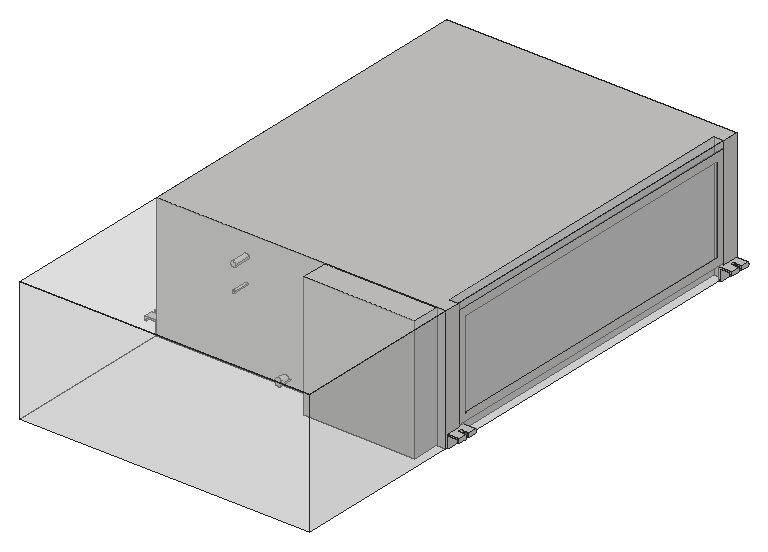
Revit family "outputfile", category 機械設備, Revit 2024
Family settings
  丸型コネクタ寸法 = 半径を使用
  パーツ タイプ = 標準
  OmniClass 番号 = 23.75.10.24.21.27.27
  OmniClass タイトル = Split System Air Conditioning Units
  作業面ベース = いいえ
  常に垂直 = はい
  ロード時にボイドで切り取り = いいえ
  注釈の向きを維持 = いいえ
  共有 = いいえ
  部屋計算ポイント = はい
Parameters (values of type "FXMQ200MFV1")
  Description = ""
  製造元 = "Daikin"
  書き出し IFC クラス(タイプ) = "IfcUnitaryEquipmentType"
  定義済み IFC タイプ(タイプ) = "AIRCONDITIONINGUNIT"
  Cost = 0
  モデル = "FXMQ200MFV1"
  Type Comments = ""
  Keynote = ""
  Type Image = (empty or 0)
  Assembly Code = ""
  w_dischargeflange = 1260.0 mm
  w_suctionflange = 1260.0 mm
  r_Liquid Pipe Size = Liquid Pipe Size / 2  # 4.75 mm
  r_Gas Pipe Size = Gas Pipe Size / 2  # 9.55 mm
  r_Drain Pipe Size = Drain Pipe Size / 2  # 13.8 mm
  lw_powersupply = 247.5 mm  # constant formula
  lw_mountinghole_pitch = 1148.0 mm  # constant formula
  lw_mountinghole = if(Depth = 744.0 mm, 29.5 mm, if(Depth = 1380.0 mm, 42.0 mm, 42.0 mm))  # 42.0 mm
  lw_liquidpipe = 760.0 mm  # constant formula
  lw_gaspipe = 760.0 mm  # constant formula
  lw_drainpipe = 613.0 mm  # constant formula
  lh_dischargeflange = 250.0 mm  # constant formula
  lh_powersupply = 20.0 mm  # constant formula
  lh_liquidpipe = 296.0 mm  # constant formula
  lh_gaspipe = 390.0 mm  # constant formula
  lh_drainpipe = 25.0 mm  # constant formula
  lh_suctionflange = 250.0 mm  # constant formula
  lh_antena = Height - lh_mountinghole + 1.0 mm  # 421.0 mm
  ld_dischargeflange = 690.0 mm
  ld_powersupply = 211.5 mm  # constant formula
  ld_mountinghole_pitch = if(Depth = 744.0 mm, 685.0 mm, if(Depth = 1380.0 mm, 1296.0 mm, 1296.0 mm))  # 1296.0 mm
  ld_suctionflange = 690.0 mm
  h_dischargeflange = 390.0 mm  # constant formula
  lh_mountinghole = 50.0 mm  # constant formula
  h_mountinghole = [h***] + lh_mountinghole  # 50.0 mm
  h_suctionflange = 390.0 mm  # constant formula
  h*** = 0.0 mm  # constant formula
  d_dischargeflange = 25.0 mm  # constant formula
  d_pipe = if(Depth = 744.0 mm, 61.0 mm, if(Depth = 1380.0 mm, 60.0 mm, 60.0 mm))  # 60.0 mm
  d_suctionflange = 25.0 mm  # constant formula
  Width = 1100.0 mm
  Voltage_comment_50Hz = "220-240"
  Voltage_50Hz = 230 V
  Version = "ver.1.0"
  Unit Type = "Outdoor Air Processing Unit"
  Unit Mass Weight = 123.00 kg
  Unit Designation [instance] = ""
  Uniclass2015Version = "Products v1.30"
  Uniclass2015Title = "Variable refrigerant flow units"
  Uniclass2015Code = "Pr_70_65_03_94"
  URL = ""
  Total Heating Capacity [instance] = 0.000 kW
  Total Cooling Capacity [instance] = 0.000 kW
  Supply Air Direction [instance] = yes
  Sound Pressure Level_M speed (dBA) = 0
  Sound Pressure Level_L speed (dBA) = 0
  Sound Pressure Level_H speed (dBA) = 47
  Sound Power Level_H speed (dB) = 0
  Series = "VRV Fan Coil Unit"
  Sensible Cooling Capacity [instance] = 0.000 kW
  SA Duct Size Width = 1200.0 mm
  SA Duct Size Height = 330.0 mm
  Refrigerant Type = "R410A"
  Power Input (Heating) = 0.548 kW
  Power Input (Cooling) = 0.548 kW
  Phase_50Hz = 1
  Option Accessory 3 [instance] = ""
  Option Accessory 2 [instance] = ""
  Option Accessory 1 [instance] = ""
  OA Duct Size Width = 1200.0 mm
  OA Duct Size Height = 330.0 mm
  Nominal Heating Capacity = 13.900 kW
  Nominal Cooling Capacity = 22.400 kW
  Minimum External Static Pressure = 0.00 Pa
  Minimum Circuit Amps_50Hz = 3.3 A
  Minimum Airflow = 0.00 m³/h
  Median Airflow = 0.00 m³/h
  Maximum Fuse Amps_50Hz = 15.0 A
  Maximum External Static Pressure = 275.00 Pa
  Maximum Airflow = 1680.00 m³/h
  Material_Casing = DAIKIN_GalvanizedSteel_Casing_indoorunit
  Load Classification = HVAC
  Liquid Pipe Size = 9.5 mm
  Link_Nested Family [instance] = ""
  IfcVersion = "0"
  IfcExportType = "AIRCONDITIONINGUNIT"
  IfcExportAs = "IfcUnitaryEquipmentType"
  Height = 470.0 mm
  Heating Entering Wet Bulb Temperature [instance] = 0.00 °C
  Heating Entering Dry Bulb Temperature [instance] = 0.00 °C
  Heating Ambient Wet Bulb Temperature [instance] = 0.00 °C
  Heating Ambient Dry Bulb Temperature [instance] = 0.00 °C
  Heat Exchanger Type = "Cross Fin Coil"
  Gas Pipe Size = 19.1 mm
  Frequency_50Hz = 50 Hz
  Fan Type = "Sirocco Fan"
  Fan Drive = "Direct Drive"
  FCU Tag No. [instance] = ""
  Drain Pipe Size = 27.6 mm
  Design Supply Airflow [instance] = 0.00 m³/h
  Design Outdoor Airflow [instance] = 0.00 m³/h
  Design External Static Pressure [instance] = 0.00 Pa
  Depth = 1380.0 mm
  既定の高さ = 0.0 mm
  Cooling Entering Wet Bulb Temperature [instance] = 0.00 °C
  Cooling Entering Dry Bulb Temperature [instance] = 0.00 °C
  Cooling Ambient Wet Bulb Temperature [instance] = 0.00 °C
  Cooling Ambient Dry Bulb Temperature [instance] = 0.00 °C
  Clearance visibility [instance] = yes
  Clearance Top = 0.0 mm
  Clearance Right = 0.0 mm
  Clearance Rear = 0.0 mm
  Clearance Left = 0.0 mm
  Clearance Front = 650.0 mm
  Clearance Bottom = 0.0 mm
Reference planes
  plane 1 "Center (Front/Back)": y = 0
  plane 2: z = 0
  plane 3 "Center (Left/Right)": x = 0
  plane 4 "Back": y = 690
  plane 5 "Front": y = -690
  plane 6 "Left": x = -550
  plane 7 "Right": x = 550
  plane 8 "Top": z = 0
  plane 9 "Bottom": z = -470
  plane 10: y = 690
  plane 11: y = -1340
  plane 12: x = 550
  plane 13: x = -550
  plane 14: z = 0
  plane 15: z = -470
  plane 16: y = -792
  plane 17: y = -720
  plane 18: y = -750
  plane 19 "ld_drainpipe": x = -63
  plane 20 "ld_liquidpipe": x = -210
  plane 21 "ld_gaspipe": x = -210
  plane 22 "lh_gaspipe": z = -80
  plane 23 "lh_drainpipe": z = -445
  plane 24 "lh_liquidpipe": z = -174
  plane 25 "h_mountinghole": z = -420
  plane 26 "lh_powersuply": z = -450
  plane 27 "lh_suctionflange": z = -220
  plane 28 "ld_suctionflange": y = 0
  plane 29 "ld_dischargeflange": y = 0
  plane 30 "lh_dischargeflange": z = -220
  plane 31 "control box1": x = 514
  plane 32 "control box2": x = 91
  plane 33: y = -741
  plane 34 "lw_powersupply": x = 302.5
  plane 35: y = 648
  plane 36: y = -648
  plane 37: x = -574
  plane 38: x = 574
  plane 39 "w_suctionflange1": y = 630
  plane 40 "w_suctionflange2": y = -630
Forms (mm)
  Extrusion 1, solid, material "DAIKIN_GalvanizedSteel_Casing_indoorunit" <- "Material_Casing"
    sketch origin (0, 0, 0) x (1, 0, 0) y (0, 0, 1)
      loop
        line (-550, 0) -> (-550, -470) -> (550, -470) -> (550, 0) -> (-550, 0)
    from -690 to 690
  Extrusion 2, solid, material "DAIKIN_GalvanizedSteel_Casing_indoorunit" <- "Material_Casing"
    sketch origin (0, 0, 0) x (1, 0, 0) y (0, 0, 1)
      loop
        line (91, -470) -> (514, -470) -> (514, 0) -> (91, 0) -> (91, -470)
    from 690 to 792
  Extrusion 3, solid, material "DAIKIN_GalvanizedSteel_Casing_indoorunit" <- "Material_Casing"
    sketch origin (0, 0, 0) x (1, 0, 0) y (0, 0, 1)
      loop
        circle (-210, -174) r 4.75
      loop
        circle (-210, -80) r 9.55
    from 690 to 750
  Extrusion 4, solid, material "DAIKIN_GalvanizedSteel_Casing_indoorunit" <- "Material_Casing"
    sketch origin (63, 0, 0) x (1, 0, 0) y (0, 0, 1)
      loop
        circle (-126, -445) r 13.8
    from 372 to 720
  Extrusion 5, void
    sketch origin (0, 0, 0) x (0, 1, 0) y (0, 0, 1)
      loop
        line (-630, 545) -> (-630, -985) -> (630, -985) -> (630, 545) -> (-630, 545)
    from 514 to 550
Cuts and joins
  Extrusion 5 cuts Extrusion 1
Dimensions and locks
  "Height": plane 8 "Top" to plane 9 "Bottom"
  equal spacing: plane 6 "Left", plane 3 "Center (Left/Right)", plane 7 "Right"
  "Width": plane 6 "Left" to plane 7 "Right"
  equal spacing: plane 4 "Back", plane 1 "Center (Front/Back)", plane 5 "Front"
  "Depth": plane 4 "Back" to plane 5 "Front"
  "Clearance Left": plane 13 to plane 6 "Left"
  "Clearance Right": plane 7 "Right" to plane 12
  "Clearance Rear": plane 10 to plane 4 "Back"
  "Clearance Front": plane 5 "Front" to plane 11
  "Clearance Top": plane 14 to plane 8 "Top"
  "Clearance Bottom": plane 9 "Bottom" to plane 15
  locked: plane 5 "Front" to plane 16 at 102
  "d_pipe": plane 5 "Front" to plane 18
  "lw_drainpipe": plane 19 "ld_drainpipe" to plane 7 "Right"
  "lw_liquidpipe": plane 20 "ld_liquidpipe" to plane 7 "Right"
  "lw_gaspipe": plane 21 "ld_gaspipe" to plane 7 "Right"
  "lh_gaspipe": plane 22 "lh_gaspipe" to plane 9 "Bottom"
  "lh_liquidpipe": plane 24 "lh_liquidpipe" to plane 9 "Bottom"
  "lh_drainpipe": plane 23 "lh_drainpipe" to plane 9 "Bottom"
  "lh_mountinghole": plane 25 "h_mountinghole" to plane 9 "Bottom"
  "lh_powersupply": plane 26 "lh_powersuply" to plane 9 "Bottom"
  "lh_suctionflange": plane 27 "lh_suctionflange" to plane 9 "Bottom"
  "ld_suctionflange": plane 28 "ld_suctionflange" to plane 5 "Front"
  "ld_dischargeflange": plane 4 "Back" to plane 29 "ld_dischargeflange"
  "lh_dischargeflange": plane 30 "lh_dischargeflange" to plane 9 "Bottom"
  locked: plane 5 "Front" to plane 17 at 30
  locked: plane 32 "control box2" to plane 31 "control box1" at 423
  locked: plane 31 "control box1" to plane 7 "Right" at 36
  "lw_powersupply": plane 34 "lw_powersupply" to plane 7 "Right"
  equal spacing: plane 37, plane 3 "Center (Left/Right)", plane 38
  "lw_mountinghole_pitch": plane 37 to plane 38
  "lw_mountinghole": plane 36 to plane 5 "Front"
  "ld_mountinghole_pitch": plane 35 to plane 36
  equal spacing: plane 5 "Front", plane 33, plane 16, locked at 51 each
  equal spacing: plane 39 "w_suctionflange1", plane 29 "ld_dischargeflange", plane 40 "w_suctionflange2"
  "w_suctionflange": plane 39 "w_suctionflange1" to plane 40 "w_suctionflange2"
  "r_Liquid Pipe Size": radius of Extrusion 3 sketch curve
  "r_Gas Pipe Size": radius of Extrusion 3 sketch curve
  "r_Drain Pipe Size": radius of Extrusion 4 sketch curve
  aligned and locked: level to plane 2
  aligned and locked: Extrusion 1 sketch curve to plane 8 "Top"
  aligned and locked: Extrusion 1 sketch curve to plane 6 "Left"
  aligned and locked: plane 9 "Bottom" to Extrusion 1 sketch curve
  aligned and locked: Extrusion 1 sketch curve to plane 7 "Right"
  aligned and locked: plane 4 "Back" to Extrusion 1
  aligned and locked: Extrusion 1 to plane 5 "Front"
  aligned and locked: plane 10 to nested 1
  aligned and locked: plane 11 to nested 1
  aligned and locked: plane 12 to nested 1
  aligned and locked: nested 1 to plane 13
  aligned and locked: plane 15 to nested 1
  aligned and locked: plane 14 to nested 1
  aligned and locked: Extrusion 2 to plane 16
  aligned and locked: plane 5 "Front" to Extrusion 2
  aligned and locked: plane 24 "lh_liquidpipe" to Extrusion 3 sketch curve
  aligned and locked: plane 20 "ld_liquidpipe" to Extrusion 3 sketch curve
  aligned and locked: plane 21 "ld_gaspipe" to Extrusion 3 sketch curve
  aligned and locked: plane 22 "lh_gaspipe" to Extrusion 3 sketch curve
  aligned and locked: Extrusion 3 to plane 18
  aligned and locked: plane 5 "Front" to Extrusion 3
  aligned and locked: nested 2 to plane 5 "Front"
  aligned and locked: nested 2 to plane 19 "ld_drainpipe"
  aligned and locked: plane 23 "lh_drainpipe" to nested 2
  aligned and locked: nested 3 to plane 5 "Front"
  aligned and locked: nested 4 to plane 5 "Front"
  aligned and locked: plane 24 "lh_liquidpipe" to nested 3
  aligned and locked: plane 22 "lh_gaspipe" to nested 4
  aligned and locked: plane 25 "h_mountinghole" to nested 5
  aligned and locked: plane 25 "h_mountinghole" to nested 6
  aligned and locked: nested 7 to plane 25 "h_mountinghole"
  aligned and locked: nested 8 to plane 25 "h_mountinghole"
  aligned and locked: nested 13 to plane 26 "lh_powersuply"
  aligned and locked: plane 1 "Center (Front/Back)" to nested 14
  aligned and locked: nested 14 to plane 3 "Center (Left/Right)"
  aligned and locked: nested 15 to plane 29 "ld_dischargeflange"
  aligned and locked: nested 15 to plane 6 "Left"
  aligned and locked: plane 30 "lh_dischargeflange" to nested 15
  aligned and locked: nested 16 to plane 6 "Left"
  aligned and locked: nested 16 to plane 29 "ld_dischargeflange"
  aligned and locked: plane 28 "ld_suctionflange" to nested 17
  aligned and locked: nested 17 to plane 27 "lh_suctionflange"
  aligned and locked: nested 16 to plane 30 "lh_dischargeflange"
  aligned and locked: nested 3 to plane 20 "ld_liquidpipe"
  aligned and locked: nested 4 to plane 21 "ld_gaspipe"
  aligned and locked: Extrusion 2 sketch curve to plane 31 "control box1"
  aligned and locked: Extrusion 2 sketch curve to plane 32 "control box2"
  aligned and locked: Extrusion 2 sketch curve to plane 14
  aligned and locked: Extrusion 2 sketch curve to plane 15
  aligned and locked: plane 19 "ld_drainpipe" to Extrusion 4 sketch curve
  aligned and locked: plane 23 "lh_drainpipe" to Extrusion 4 sketch curve
  aligned and locked: Extrusion 4 to plane 17
  aligned and locked: nested 13 to plane 34 "lw_powersupply"
  aligned and locked: plane 33 to nested 13
  aligned and locked: nested 5 to plane 35
  aligned and locked: plane 35 to nested 7
  aligned and locked: nested 6 to plane 36
  aligned and locked: plane 36 to nested 8
  aligned and locked: nested 18 to plane 1 "Center (Front/Back)"
  aligned and locked: plane 27 "lh_suctionflange" to nested 18
  aligned and locked: Extrusion 5 sketch curve to plane 39 "w_suctionflange1"
  aligned and locked: Extrusion 5 sketch curve to plane 40 "w_suctionflange2"
  aligned and locked: plane 7 "Right" to Extrusion 5
  aligned and locked: plane 7 "Right" to nested 18
  aligned and locked: plane 3 "Center (Left/Right)" to nested 17
  aligned and locked: nested 11 to plane 37
  aligned and locked: nested 12 to plane 38
  aligned and locked: nested 10 to plane 37
  aligned and locked: nested 9 to plane 38
  aligned and locked: nested 5 to plane 6 "Left"
  aligned and locked: nested 7 to plane 7 "Right"
  aligned and locked: nested 8 to plane 7 "Right"
  aligned and locked: nested 9 to plane 36
  aligned and locked: nested 10 to plane 36
  aligned and locked: nested 12 to plane 35
  aligned and locked: nested 11 to plane 35
  aligned and locked: Extrusion 5 to Extrusion 2
Automatic sketch dimensions
  level to Extrusion 5 sketch curve = 545.0 mm
  Extrusion 5 sketch curve to plane 9 "Bottom" = 515.0 mm
Nested families
  nested 1: "daikin_clearancespace" at (0, -325, -234.881), visible <- "Clearance visibility", show <- "Clearance visibility", Link_Nested Family <- "Link_Nested Family", type "daikin_clearancespace"
    with width 1100.0 mm, show yes, height 470.0 mm, depth 2030.0 mm, Link_Nested Family ""
  nested 2: "daikin_connector_rotate2" at (-63, -690, -445), radius <- "r_Drain Pipe Size", type "daikin_connector_rotate2"
    with radius 13.8 mm, length 30.0 mm, angle_vertical 90.00°, show_face no
  nested 3: "daikin_connector_rotate2" at (-210, -690, -174), length <- "d_pipe", radius <- "r_Liquid Pipe Size", type "daikin_connector_rotate2"
    with radius 4.75 mm, length 60.0 mm, angle_vertical 90.00°, show_face no
  nested 4: "daikin_connector_rotate2" at (-210, -690, -80), length <- "d_pipe", radius <- "r_Gas Pipe Size", type "daikin_connector_rotate2"
    with radius 9.55 mm, length 60.0 mm, angle_vertical 90.00°, show_face no
  nested 5: "daikin_hangerfixture_FXMQ-MFV1" at (-550, 648, -420) x (0, -1, 0) z (0, 0, 1), type "daikin_hangerfixture_FXMQ-MFV1"
    with width 80.0 mm, D 1380.0 mm
  nested 6: "daikin_hangerfixture_FXMQ-MFV1" at (-550, -648, -420) x (0, -1, 0) z (0, 0, 1), type "daikin_hangerfixture_FXMQ-MFV1"
    with width 80.0 mm, D 1380.0 mm
  nested 7: "daikin_hangerfixture_FXMQ-MFV1" at (550, 648, -420) x (0, -1, 0) z (0, 0, 1), type "daikin_hangerfixture_FXMQ-MFV1"
    with width 80.0 mm, D 1380.0 mm
  nested 8: "daikin_hangerfixture_FXMQ-MFV1" at (550, -648, -420) x (0, -1, 0) z (0, 0, 1), type "daikin_hangerfixture_FXMQ-MFV1"
    with width 80.0 mm, D 1380.0 mm
  nested 9: "daikin_mountinghole" at (574, -648, -470), Link_Nested Family <- "Link_Nested Family", l_antenna <- "lh_antena", h_mountinghole <- "h_mountinghole", type "daikin_mountinghole"
    with show yes, l_antenna 421.0 mm, h_mountinghole 50.0 mm, Link_Nested Family ""
  nested 10: "daikin_mountinghole" at (-574, -648, -470), Link_Nested Family <- "Link_Nested Family", l_antenna <- "lh_antena", h_mountinghole <- "h_mountinghole", type "daikin_mountinghole"
    with show yes, l_antenna 421.0 mm, h_mountinghole 50.0 mm, Link_Nested Family ""
  nested 11: "daikin_mountinghole" at (-574, 648, -470), Link_Nested Family <- "Link_Nested Family", l_antenna <- "lh_antena", h_mountinghole <- "h_mountinghole", type "daikin_mountinghole"
    with show yes, l_antenna 421.0 mm, h_mountinghole 50.0 mm, Link_Nested Family ""
  nested 12: "daikin_mountinghole" at (574, 648, -470), Link_Nested Family <- "Link_Nested Family", l_antenna <- "lh_antena", h_mountinghole <- "h_mountinghole", type "daikin_mountinghole"
    with show yes, l_antenna 421.0 mm, h_mountinghole 50.0 mm, Link_Nested Family ""
  nested 13: "daikin_connector_rotate2" at (302.5, -741, -450) x (0, 1, 0) z (0, 0, 1), length <- "ld_powersupply", type "daikin_connector_rotate2"
    with radius 10.0 mm, length 211.5 mm, angle_vertical 90.00°, show_face no
  nested 14: "daikin_△_symbolicline" at (0, 0, 470) x (0, -1, 0) z (0, 0, 1), visible <- "Supply Air Direction", built-in parameter 1001364 <- "Height", type "daikin_△_symbolicline"
    with length 300.0 mm
  nested 15: "daikin_ductflange_FXMQ-MFV1_1" at (-550, 0, -415) x (0, -1, 0) z (0, 0, 1), material <- "Material_Casing", depth <- "d_dischargeflange", height <- "h_dischargeflange", width <- "w_dischargeflange", type "daikin_ductflange_FXMQ-MFV1"
    with width 1260.0 mm, top1 30.0 mm, right1 30.0 mm, material DAIKIN_GalvanizedSteel_Casing_indoorunit, left1 30.0 mm, height 390.0 mm, depth 25.0 mm, Bottom1 30.0 mm
  nested 16: "daikin_connector_rotate2" at (-550, 0, -220) x (0, -1, 0) z (0, 0, 1), length <- "d_dischargeflange", type "daikin_connector_rotate2"
    with radius 10.0 mm, length 25.0 mm, angle_vertical 90.00°, show_face no
  nested 17: "daikin_connector_rotate2" at (0, 0, -220) x (0, 1, 0) z (0, 0, 1), type "daikin_connector_rotate2"
    with radius 10.0 mm, length 550.0 mm, angle_vertical 90.00°, show_face no
  nested 18: "daikin_ductflange_FXMQ-MFV1_2" at (549, 0, -415) x (0, 1, 0) z (0, 0, 1), width <- "w_suctionflange", height <- "h_suctionflange", type "daikin_ductflange_FXMQ-MFV1_2"
    with width 1260.0 mm, height 390.0 mm, depth 1.0 mm
Connectors
  piping at (-210, -750, -174), diameter 9.5, driven by "r_Liquid Pipe Size"
    settings: on nested 3, index 2, connector inside diameter 609.6 mm, connector length 0.0 mm, flow factor 0, pipe flow 0.00 m³/h, pressure drop 0.0 Pa, fitting loss kfactor 0, connector angle 0.00°, fixture units 0, engagement length 0.0 mm, angle of deflection 0.00°, flow configuration 1, flow direction 1, fitting loss method 0, system type 29, joint type 0, gender type 0, connector reference index -1, connector utility 0, adjustable connector no, is connector primary yes, connector description "Refrigerant Liquid Piping"
  piping at (-210, -750, -80), diameter 19.1, driven by "r_Gas Pipe Size"
    settings: on nested 4, index 3, connector inside diameter 609.6 mm, connector length 0.0 mm, flow factor 0, pipe flow 0.00 m³/h, pressure drop 0.0 Pa, fitting loss kfactor 0, connector angle 0.00°, fixture units 0, engagement length 0.0 mm, angle of deflection 0.00°, flow configuration 1, flow direction 2, fitting loss method 0, system type 29, joint type 0, gender type 0, connector reference index -1, connector utility 0, adjustable connector no, is connector primary no, connector description "Refrigerant Gas Piping"
  electrical at (514, -741, -450), driven by "Load Classification"
    settings: on nested 13, index 4, voltage 0 V, apparent load 0 VA, apparent load phase1 0 VA, apparent load phase2 0 VA, apparent load phase3 0 VA, power factor 1, load classification "HVAC", number of poles 1, system type 30, power factor state 1, is connector primary yes, connector utility no, sub classification motor no, connector description "Power Supply"
  hvac at (-575, 0, -220), driven by "SA Duct Size Height", driven by "SA Duct Size Width"
    settings: on nested 15, index 6, duct flow 0.00 m³/h, flow factor 0, pres drop 0.00 Pa, loss coef 0, conn angle 0.00°, conn width 1200.0 mm, conn height 330.0 mm, conn diameter 609.6 mm, duct sys type 1, conn prof type 1, flow config 0, flow direction 2, loss method 4, conn ref index -1, conn util no, is conn primary yes, conn desc "SA Duct"
  piping at (-63, -720, -445), diameter 27.6, driven by "r_Drain Pipe Size"
    settings: on Extrusion 4, index 7, connector inside diameter 609.6 mm, connector length 0.0 mm, flow factor 0, pipe flow 0.00 m³/h, pressure drop 0.0 Pa, fitting loss kfactor 0, connector angle 0.00°, fixture units 0, engagement length 0.0 mm, angle of deflection 0.00°, flow configuration 1, flow direction 2, fitting loss method 4, system type 16, joint type 0, gender type 0, connector reference index -1, connector utility 0, adjustable connector no, is connector primary no, connector description "Condensate Drain Piping"
  hvac at (550, 0, -220), driven by "OA Duct Size Height", driven by "OA Duct Size Width"
    settings: on nested 18, index 8, duct flow 0.00 m³/h, flow factor 0, pres drop 0.00 Pa, loss coef 0, conn angle 0.00°, conn width 1200.0 mm, conn height 330.0 mm, conn diameter 609.6 mm, duct sys type 1, conn prof type 1, flow config 0, flow direction 1, loss method 4, conn ref index -1, conn util no, is conn primary no, conn desc "OA Duct"
Definition of nested family "daikin_clearancespace"
  Parameters (values of type "daikin_clearancespace")
    width [instance] = 1823.963 mm
    show [instance] = yes
    material = none
    height [instance] = 1359.762 mm
    depth [instance] = 880.0 mm
    Default Elevation = 0.0 mm
    Link_Nested Family [instance] = ""
  Reference planes
    plane 1 "Center (Front/Back)": y = 0
    plane 2 "Center (Elevation)": z = -0.119
    plane 3 "Center (Left/Right)": x = 0
    plane 4: y = 440
    plane 5: y = -440
    plane 6 "Right": x = 911.982
    plane 7 "Left": x = -911.982
    plane 8 "Top": z = 679.762
    plane 9 "Bottom": z = -680
  Forms (mm)
    Extrusion 1, solid, material <- "material", visible <- "show"
      sketch origin (0, 0, 0) x (1, 0, 0) y (0, 1, 0)
        loop
          line (-911.982, 440) -> (-911.982, -440) -> (911.982, -440) -> (911.982, 440) -> (-911.982, 440)
      from -680 to 679.762
  Lines and regions (mm)
    symbolic lines, visible <- "show"
      curve 1: line (911.982, 440, 0) -> (-911.982, 440, 0)
      curve 2: line (-911.982, 440, 0) -> (-911.982, -440, 0)
      curve 3: line (-911.982, -440, 0) -> (911.982, -440, 0)
      curve 4: line (911.982, -440, 0) -> (911.982, 440, 0)
      curve 5: line (911.982, 0, 679.762) -> (-911.982, 0, 679.762)
      curve 6: line (911.982, 0, -680) -> (911.982, 0, 679.762)
      curve 7: line (-911.982, 0, -680) -> (911.982, 0, -680)
      curve 8: line (-911.982, 0, 679.762) -> (-911.982, 0, -680)
      curve 9: line (0, 440, 679.762) -> (0, -440, 679.762)
      curve 10: line (0, -440, 679.762) -> (0, -440, -680)
      curve 11: line (0, 440, -680) -> (0, 440, 679.762)
      curve 12: line (0, -440, -680) -> (0, 440, -680)
  Dimensions and locks
    "width": plane 7 "Left" to plane 6 "Right"
    "depth": plane 4 to plane 5
    "height": plane 8 "Top" to plane 9 "Bottom"
    equal spacing: plane 7 "Left", plane 3 "Center (Left/Right)", plane 6 "Right"
    equal spacing: plane 4, plane 1 "Center (Front/Back)", plane 5
    equal spacing: plane 8 "Top", plane 2 "Center (Elevation)", plane 9 "Bottom"
    aligned and locked: level to plane 2 "Center (Elevation)"
    aligned and locked: Extrusion 1 sketch curve to plane 4
    aligned and locked: plane 7 "Left" to Extrusion 1 sketch curve
    aligned and locked: Extrusion 1 sketch curve to plane 5
    aligned and locked: Extrusion 1 sketch curve to plane 6 "Right"
    aligned and locked: plane 8 "Top" to Extrusion 1
    aligned and locked: curve 1 to Extrusion 1
    aligned and locked: curve 2 to Extrusion 1
    aligned and locked: curve 3 to Extrusion 1
    aligned and locked: curve 4 to Extrusion 1
    aligned and locked: curve 5 to Extrusion 1
    aligned and locked: curve 6 to Extrusion 1
    aligned and locked: curve 7 to Extrusion 1
    aligned and locked: curve 8 to Extrusion 1
    aligned and locked: curve 9 to Extrusion 1
    aligned and locked: curve 10 to Extrusion 1
    aligned and locked: curve 11 to Extrusion 1
    aligned and locked: curve 12 to Extrusion 1
    aligned and locked: Extrusion 1 to plane 9 "Bottom"
Definition of nested family "daikin_hangerfixture_FXMQ-MFV1"
  Parameters (values of type "daikin_hangerfixture_CeilingMountedDuct")
    width = if(D = 744.0 mm, 55.0 mm, if(D = 1380.0 mm, 80.0 mm, 80.0 mm))  # 55.0 mm
    material = none
    height = 50.0 mm
    depth = 47.0 mm
    Default Elevation = 0.0 mm
    D = 744.0 mm
  Reference planes
    plane 1 "Center (Front/Back)": y = 0
    plane 2: z = 0
    plane 3 "Center (Left/Right)": x = 0
    plane 4: y = 417.146
    plane 5: y = -47
    plane 6: x = -27.5
    plane 7: x = 27.5
    plane 8: z = -5
    plane 9: z = -50
    plane 10: y = -5
    plane 11: y = -42
    plane 12: y = -24
    plane 13: z = -15
  Forms (mm)
    Extrusion 1, solid, material <- "material"
      sketch origin (0, 0, 0) x (1, 0, 0) y (0, 1, 0)
        loop
          line (27.5, 0) -> (-27.5, 0) -> (-27.5, -47) -> (-7, -47) -> (-7, -24)
          arc (-7, -24) -> (0, -17) -> (7, -24) r 7
          line (7, -24) -> (7, -47) -> (27.5, -47) -> (27.5, 0)
      from 0 to -5
    Extrusion 2, solid, material <- "material"
      sketch origin (0, 0, 0) x (1, 0, 0) y (0, 0, 1)
        loop
          line (27.5, -40) -> (27.5, 0) -> (-27.5, 0) -> (-27.5, -40)
          arc (-27.5, -40) -> (-24.571, -47.071) -> (-17.5, -50) r 10
          line (-17.5, -50) -> (17.5, -50)
          arc (17.5, -50) -> (24.571, -47.071) -> (27.5, -40) r 10
      from 0 to 5
    Extrusion 3, solid, material <- "material"
      sketch origin (0, 0, 0) x (1, 0, 0) y (0, 0, 1)
        loop
          line (-7, -12) -> (-7, 0) -> (-27.5, 0) -> (-27.5, -12)
          arc (-27.5, -12) -> (-26.621, -14.121) -> (-24.5, -15) r 3
          line (-24.5, -15) -> (-10, -15)
          arc (-10, -15) -> (-7.879, -14.121) -> (-7, -12) r 3
        loop
          line (7, 0) -> (7, -12)
          arc (7, -12) -> (7.879, -14.121) -> (10, -15) r 3
          line (10, -15) -> (24.5, -15)
          arc (24.5, -15) -> (26.621, -14.121) -> (27.5, -12) r 3
          line (27.5, -12) -> (27.5, 0) -> (7, 0)
      from 42 to 47
  Cuts and joins
    joined: Extrusion 1, Extrusion 2, Extrusion 3
  Dimensions and locks
    "width": plane 6 to plane 7
    "depth": plane 5 to plane 1 "Center (Front/Back)"
    locked: plane 2 to plane 8 at 5
    "height": plane 2 to plane 9
    locked: plane 10 to plane 1 "Center (Front/Back)" at 5
    locked: plane 11 to plane 5 at 5
    locked: plane 2 to plane 13 at 15
    equal spacing: plane 6, plane 3 "Center (Left/Right)", plane 7
    plane 12 to plane 1 "Center (Front/Back)" = 24.0 mm
    aligned and locked: level to plane 2
    aligned and locked: Extrusion 1 sketch curve to plane 1 "Center (Front/Back)"
    aligned and locked: plane 7 to Extrusion 1
    aligned and locked: Extrusion 1 to plane 6
    aligned and locked: Extrusion 1 to plane 5  (x2)
    aligned and locked: Extrusion 1 to plane 8
    aligned and locked: plane 2 to Extrusion 1
    aligned and locked: plane 2 to Extrusion 2 sketch curve
    aligned and locked: Extrusion 2 to plane 10
    aligned and locked: Extrusion 2 to plane 1 "Center (Front/Back)"
    aligned and locked: plane 2 to Extrusion 3 sketch curve  (x2)
    aligned and locked: plane 11 to Extrusion 3
    aligned and locked: Extrusion 3 to plane 5
    aligned and locked: plane 9 to Extrusion 2 sketch curve
    aligned and locked: cut or joined group of Extrusion 1, Extrusion 2, Extrusion 3 to plane 13  (x2)
    aligned and locked: plane 3 "Center (Left/Right)" to Extrusion 1 sketch curve
    aligned and locked: cut or joined group of Extrusion 1, Extrusion 2, Extrusion 3 to cut or joined group of Extrusion 1, Extrusion 2, Extrusion 3  (x2)
  Automatic sketch dimensions
    Extrusion 1 sketch curve to plane 6 = 0.0 mm
    Extrusion 1 sketch curve to plane 5 = 0.0 mm  (x2)
    Extrusion 1 sketch curve to plane 7 = 0.0 mm
    Extrusion 1 sketch curve to plane 3 "Center (Left/Right)" = 7.0 mm
    Extrusion 2 sketch curve to plane 7 = 0.0 mm
    Extrusion 2 sketch curve to plane 7 = 10.0 mm
    plane 6 to Extrusion 2 sketch curve = 10.0 mm
    Extrusion 2 sketch curve to plane 6 = 0.0 mm
    Extrusion 3 sketch curve to plane 6 = 0.0 mm
    Extrusion 3 sketch curve to plane 7 = 0.0 mm
    Extrusion 3 sketch curve to Extrusion 3 sketch curve = 3.0 mm  (x3)
    Extrusion 3 sketch curve to plane 8 = 7.0 mm
    Extrusion 3 sketch curve to plane 3 "Center (Left/Right)" = 7.0 mm
    plane 3 "Center (Left/Right)" to Extrusion 3 sketch curve = 7.0 mm
    Extrusion 3 sketch curve to plane 7 = 3.0 mm
    Extrusion 3 sketch curve to plane 8 = 10.0 mm
    Extrusion 1 sketch curve to plane 12 = 0.0 mm
Definition of nested family "daikin_ductflange_FXMQ-MFV1_1"
  Parameters (values of type "daikin_ductflange_FXMQ-MFV1")
    width [instance] = 670.0 mm
    right1 [instance] = 22.5 mm
    left1 [instance] = 22.5 mm
    Bottom1 [instance] = 25.0 mm
    material [instance] = none
    height [instance] = 272.0 mm
    depth [instance] = 25.0 mm
    top1 [instance] = 25.0 mm
    Default Elevation = 0.0 mm
  Reference planes
    plane 1 "Center (Front/Back)": y = 0
    plane 2: z = 0
    plane 3 "Center (Left/Right)": x = 0
    plane 4: y = -25
    plane 5: x = -335
    plane 6: x = 335
    plane 7 "Top": z = 272
    plane 8: y = -1
    plane 9: x = -312.5
    plane 10: x = 312.5
    plane 11: z = 247
    plane 12: z = 25
    plane 13 "Center (Elevation)": z = 136
  Forms (mm)
    Extrusion 1, solid, material <- "material"
      sketch origin (0, 0, 0) x (1, 0, 0) y (0, 0, 1)
        loop
          line (-335, 272) -> (-335, 0) -> (335, 0) -> (335, 272) -> (-335, 272)
        loop
          line (-312.5, 247) -> (-312.5, 25) -> (312.5, 25) -> (312.5, 247) -> (-312.5, 247)
      from 0 to 1
    Extrusion 2, solid, material <- "material"
      sketch origin (0, 0, 0) x (1, 0, 0) y (0, 1, 0)
        loop
          line (-312.5, -1) -> (-317.5, -1) -> (-317.5, -25) -> (-312.5, -25) -> (-312.5, -1)
        loop
          line (312.5, -1) -> (312.5, -25) -> (317.5, -25) -> (317.5, -1) -> (312.5, -1)
      from 0 to 272
    Extrusion 3, solid, material <- "material"
      sketch origin (0, 0, 0) x (0, 1, 0) y (0, 0, 1)
        loop
          line (-1, 247) -> (-1, 252) -> (-25, 252) -> (-25, 247) -> (-1, 247)
        loop
          line (-1, 25) -> (-25, 25) -> (-25, 20) -> (-1, 20) -> (-1, 25)
      from -312.5 to 312.5
  Cuts and joins
    joined: Extrusion 1, Extrusion 2, Extrusion 3
  Dimensions and locks
    "height": plane 7 "Top" to plane 2
    "width": plane 5 to plane 6
    equal spacing: plane 5, plane 3 "Center (Left/Right)", plane 6
    "depth": plane 1 "Center (Front/Back)" to plane 4
    locked: plane 8 to plane 1 "Center (Front/Back)" at 1
    "left1": plane 5 to plane 9
    "right1": plane 10 to plane 6
    locked: Extrusion 2 sketch curve to Extrusion 2 sketch curve at 5  (x2)
    "top1": plane 7 "Top" to plane 11
    "Bottom1": plane 12 to plane 2
    equal spacing: plane 7 "Top", plane 13 "Center (Elevation)", plane 2
    locked: Extrusion 3 sketch curve to cut or joined group of Extrusion 1, Extrusion 2, Extrusion 3 at 5
    locked: Extrusion 3 sketch curve to Extrusion 3 sketch curve at 5
    aligned and locked: level to plane 2
    aligned and locked: Extrusion 1 sketch curve to plane 7 "Top"
    aligned and locked: plane 5 to Extrusion 1 sketch curve
    aligned and locked: Extrusion 1 sketch curve to plane 6
    aligned and locked: plane 2 to Extrusion 1 sketch curve
    aligned and locked: Extrusion 1 to plane 8
    aligned and locked: Extrusion 2 sketch curve to plane 8
    aligned and locked: Extrusion 2 sketch curve to plane 9
    aligned and locked: plane 8 to Extrusion 2 sketch curve
    aligned and locked: Extrusion 2 sketch curve to plane 10
    aligned and locked: plane 8 to Extrusion 3 sketch curve
    aligned and locked: Extrusion 3 sketch curve to plane 8
    aligned and locked: plane 4 to Extrusion 2 sketch curve
    aligned and locked: Extrusion 2 sketch curve to plane 4
    aligned and locked: plane 4 to Extrusion 3 sketch curve
    aligned and locked: Extrusion 3 sketch curve to plane 4
    aligned and locked: plane 9 to Extrusion 1 sketch curve
    aligned and locked: Extrusion 1 sketch curve to plane 10
    aligned and locked: plane 12 to Extrusion 1 sketch curve
    aligned and locked: Extrusion 1 sketch curve to plane 11
    aligned and locked: plane 10 to cut or joined group of Extrusion 1, Extrusion 2, Extrusion 3
    aligned and locked: cut or joined group of Extrusion 1, Extrusion 2, Extrusion 3 to plane 9
    aligned and locked: plane 7 "Top" to cut or joined group of Extrusion 1, Extrusion 2, Extrusion 3
    aligned and locked: cut or joined group of Extrusion 1, Extrusion 2, Extrusion 3 to plane 2
  Automatic sketch dimensions
    Extrusion 3 sketch curve to plane 11 = 0.0 mm
    Extrusion 3 sketch curve to plane 12 = 0.0 mm
Definition of nested family "daikin_ductflange_FXMQ-MFV1_2"
  Parameters (values of type "daikin_ductflange_FXDSQ-AVM2")
    width [instance] = 624.0 mm
    material = none
    height [instance] = 390.0 mm
    depth [instance] = 1.0 mm
    Default Elevation = 0.0 mm
  Reference planes
    plane 1 "Center (Front/Back)": y = 0
    plane 2: z = 0
    plane 3 "Center (Left/Right)": x = 0
    plane 4: x = -312
    plane 5: x = 312
    plane 6 "Top": z = 390
    plane 7: y = -1
    plane 8: z = 360
    plane 9: z = 30
    plane 10 "Center (Elevation)": z = 195
    plane 11: x = -282
    plane 12: x = 282
  Forms (mm)
    Extrusion 1, solid, material <- "material"
      sketch origin (0, 0, 0) x (1, 0, 0) y (0, 0, 1)
        loop
          line (-312, 390) -> (-312, 0) -> (312, 0) -> (312, 390) -> (-312, 390)
        loop
          line (-282, 360) -> (-282, 30) -> (282, 30) -> (282, 360) -> (-282, 360)
      from 0 to 1
  Dimensions and locks
    "height": plane 6 "Top" to plane 2
    "width": plane 4 to plane 5
    equal spacing: plane 4, plane 3 "Center (Left/Right)", plane 5
    Extrusion 1 sketch curve to Extrusion 1 sketch curve = 30.0 mm  (x4)
    "depth": plane 7 to plane 1 "Center (Front/Back)"
    locked: plane 6 "Top" to plane 8 at 30
    locked: plane 9 to plane 2 at 30
    equal spacing: plane 6 "Top", plane 10 "Center (Elevation)", plane 2
    locked: plane 11 to plane 4 at 30
    plane 5 to plane 12 = 30.0 mm
    aligned and locked: level to plane 2
    aligned and locked: Extrusion 1 sketch curve to plane 6 "Top"
    aligned and locked: plane 4 to Extrusion 1 sketch curve
    aligned and locked: Extrusion 1 sketch curve to plane 5
    aligned and locked: plane 2 to Extrusion 1 sketch curve
    aligned and locked: plane 11 to Extrusion 1  (x2)
    aligned and locked: Extrusion 1 to plane 12  (x2)
    aligned and locked: Extrusion 1 to plane 8
    aligned and locked: plane 9 to Extrusion 1
Definition of nested family "daikin_connector_rotate2"
  Parameters (values of type "daikin_connector_rotate2")
    show_face = yes
    radius [instance] = 10.0 mm
    length [instance] = 600.0 mm
    d_surface = 10.0 mm
    angle_vertical [instance] = 90.00°
    Default Elevation = 0.0 mm
  Reference planes
    plane 1 "Center (Front/Back)": y = 0
    plane 2: z = 0
    plane 3 "Center (Left/Right)": x = 0
  Forms (mm)
    Extrusion 1, solid, visible <- "show_face"
      sketch origin (0, -600, 0) x (1, 0, 0) y (0, 0, 1)
        loop
          circle (0, 0) r 10
      from 0 to -10
  Lines and regions (mm)
    reference lines
      curve 1: line (0, 0, 0) -> (0, -600, 0)
    symbolic lines
      curve 2: circle (0, 0, 0) r 5 normal (0, 0, 1)
    model lines, visible <- "show_face"
      curve 3: line (0, 0, 0) -> (0, -600, 0)
  Dimensions and locks
    "length": curve 1 to curve 1
    "length": curve 3 to curve 3
    "d_surface": Extrusion 1 to Extrusion 1
    "radius": radius of Extrusion 1 sketch curve
    "angle_vertical": angle curve 1 to plane 1 "Center (Front/Back)"
    "angle_vertical": angle curve 3 to plane 1 "Center (Front/Back)"
    aligned and locked: level to plane 2
    aligned and locked: plane 1 "Center (Front/Back)" to curve 1
    aligned and locked: plane 2 to curve 1
    aligned and locked: plane 1 "Center (Front/Back)" to curve 2
    aligned and locked: plane 3 "Center (Left/Right)" to curve 2
    aligned and locked: plane 1 "Center (Front/Back)" to curve 3
    aligned and locked: plane 2 to curve 3
    aligned and locked: Extrusion 1 to Extrusion 1
  Automatic sketch dimensions
    Extrusion 1 sketch curve to level = 0.0 mm
    Extrusion 1 sketch curve to plane 3 "Center (Left/Right)" = 0.0 mm
    radius of curve 2 = 5.0 mm
Definition of nested family "daikin_mountinghole"
  Parameters (values of type "daikin_mountinghole")
    Default Elevation = 1219.2 mm
    Type Comments = "mountinghole"
    show [instance] = yes
    material = none
    l_centerline = 100.0 mm
    l_antenna [instance] = 100.0 mm
    h_mountinghole [instance] = 0.0 mm
    d_circle = 30.0 mm
    Link_Nested Family [instance] = ""
  Reference planes
    plane 1 "Center (Front/Back)": y = 0
    plane 2: z = 0
    plane 3 "Center (Left/Right)": x = 0
    plane 4: y = 50
    plane 5: x = -50
    plane 6: x = 50
    plane 7: y = -50
    plane 8 "h_mountinghole": z = 0
    plane 9: z = 100
  Lines and regions (mm)
    model lines, detail levels fine
      curve 1: circle (0, 0, 0) r 15 normal (0, 0, 1)
      curve 2: line (-50, 0, 0) -> (50, 0, 0)
      curve 3: line (0, 50, 0) -> (0, -50, 0)
    symbolic lines, detail levels fine
      curve 4: circle (0, 0, 0) r 15 normal (0, 0, 1)
      curve 5: line (-50, 0, 0) -> (50, 0, 0)
      curve 6: line (0, 50, 0) -> (0, -50, 0)
    model lines
      curve 7: line (0, 0, 100) -> (0, 0, 0)
  Dimensions and locks
    equal spacing: plane 4, plane 1 "Center (Front/Back)", plane 7
    "l_centerline": plane 4 to plane 7
    equal spacing: plane 5, plane 3 "Center (Left/Right)", plane 6
    "l_centerline": plane 5 to plane 6
    "l_antenna": plane 9 to plane 8 "h_mountinghole"
    "h_mountinghole": plane 8 "h_mountinghole" to plane 2
    "d_circle": diameter of curve 1
    "d_circle": diameter of curve 4
    aligned and locked: level to plane 2
    aligned and locked: plane 1 "Center (Front/Back)" to curve 1
    aligned and locked: plane 3 "Center (Left/Right)" to curve 1
    aligned and locked: plane 1 "Center (Front/Back)" to curve 2
    aligned and locked: curve 3 to plane 3 "Center (Left/Right)"
    aligned and locked: plane 6 to curve 2
    aligned and locked: plane 5 to curve 2
    aligned and locked: plane 4 to curve 3
    aligned and locked: plane 7 to curve 3
    aligned and locked: plane 1 "Center (Front/Back)" to curve 4
    aligned and locked: plane 3 "Center (Left/Right)" to curve 4
    aligned and locked: plane 6 to curve 5
    aligned and locked: plane 5 to curve 5
    aligned and locked: plane 1 "Center (Front/Back)" to curve 5
    aligned and locked: plane 4 to curve 6
    aligned and locked: plane 7 to curve 6
    aligned and locked: curve 6 to plane 3 "Center (Left/Right)"
    aligned and locked: curve 7 to plane 3 "Center (Left/Right)"
    aligned and locked: plane 9 to curve 7
    aligned and locked: plane 8 "h_mountinghole" to curve 7
Definition of nested family "daikin_△_symbolicline"
  Parameters (values of type "daikin_△_symbolicline")
    length [instance] = 500.0 mm
    Default Elevation = 0.0 mm
  Reference planes
    plane 1 "Center (Front/Back)": y = 0
    plane 2: z = 0
    plane 3 "Center (Left/Right)": x = 0
  Lines and regions (mm)
    symbolic lines
      curve 1: line (0, -433.013, 0) -> (250, 0, 0)
      curve 2: line (250, 0, 0) -> (-250, 0, 0)
      curve 3: line (-250, 0, 0) -> (0, -433.013, 0)
  Dimensions and locks
    equal spacing: curve 3, plane 3 "Center (Left/Right)", curve 2
    "length": curve 3 to curve 2
    "length": curve 3 to curve 3
    "length": curve 1 to curve 1
    aligned and locked: level to plane 2
    aligned and locked: curve 2 to plane 1 "Center (Front/Back)"
    aligned and locked: plane 3 "Center (Left/Right)" to curve 3
